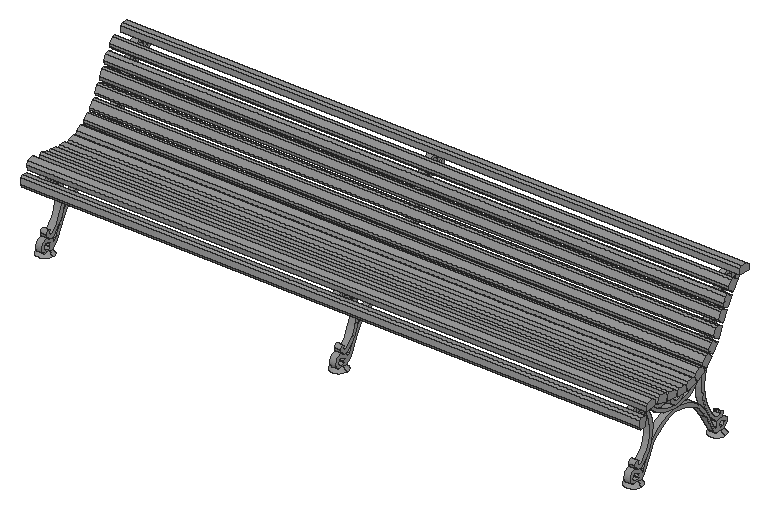
Revit family "Скамейка чугунная «Новая Европа» Арт 7220", category Антураж, Revit 2018
Family settings
  На основе рабочей плоскости = Нет
  Всегда вертикально = Да
  При загрузке вырезать с полостями = Нет
  Источник визуального образа = Геометрия семейства
  Общий = Нет
  Точка расчета площади = Нет
Parameters (values of type "Версия 3,0 м (3 опоры)")
  Ширина = 685 mm  # constant formula
  Цвет опор = Чугун
  Цвет лавки = Дерево
  Средняя опора = or([Версия 2,0 м (3 опоры)], [Версия 3,0 м (3 опоры)])  # yes
  Описание = if([Версия 0,6 м (кресло)], "Скамейка чугунная «Новая Европа». Версия 0,6 м Кресло", if([Версия 1,5 м], "Скамейка чугунная «Новая Европа». Версия 1,5 м", if([Версия 1,8 м], "Скамейка чугунная «Новая Европа». Версия 1,8 м", if([Версия 2,0 м], "Скамейка чугунная «Новая Европа». Версия 2,0 м", if([Версия 2,0 м (3 опоры)], "Скамейка чугунная «Новая Европа». Версия 2,0 м (3 опоры)", "Скамейка чугунная «Новая Европа». Версия 3,0 м (3 опоры)")))))  # "Скамейка чугунная «Новая Европа». Версия 3,0 м (3 опоры)"
  Материал изделия = "Чугун, дерево"  # constant formula
  Изображение типоразмера = Скамейка чугунная «Новая Европа» Арт 7220.jpg
  Изготовитель = "ООО «Хоббика»"  # constant formula
  Длина = if([Версия 0,6 м (кресло)], 600 mm, if([Версия 1,5 м], 1500 mm, if([Версия 1,8 м], 1800 mm, if([Версия 2,0 м], 2000 mm, if([Версия 2,0 м (3 опоры)], 2000 mm, 3000 mm)))))  # 3000 mm
  Группа модели = "Садовые скамейки"  # constant formula
  Высота = 725 mm  # constant formula
  Версия 3,0 м (3 опоры) = yes
  Версия 2,0 м (3 опоры) = no
  Версия 2,0 м = no
  Версия 1,8 м = no
  Версия 1,5 м = no
  Версия 0,6 м (кресло) = no
  Артикул товара = "Арт. 7220"  # constant formula
  URL = "https://hobbyka.ru/product/skameika_sadovaia_evropa/"
Types (7, lengths in mm): name | Средняя опора | Описание | Длина | Версия 3,0 м (3 опоры) | Версия 2,0 м (3 опоры) | Версия 2,0 м | Версия 1,8 м | Версия 1,5 м | Версия 0,6 м (кресло)
  (no name) | yes | "Скамейка чугунная «Новая Европа». Версия 3,0 м (3 опоры)" | 3000 | yes | no | no | no | no | no
  Версия 0,6 м (кресло) | no | "Скамейка чугунная «Новая Европа». Версия 0,6 м Кресло" | 600 | no | no | no | no | no | yes
  Версия 1,5 м | no | "Скамейка чугунная «Новая Европа». Версия 1,5 м" | 1500 | no | no | no | no | yes | no
  Версия 1,8 м | no | "Скамейка чугунная «Новая Европа». Версия 1,8 м" | 1800 | no | no | no | yes | no | no
  Версия 2,0 м | no | "Скамейка чугунная «Новая Европа». Версия 2,0 м" | 2000 | no | no | yes | no | no | no
  Версия 2,0 м (3 опоры) | yes | "Скамейка чугунная «Новая Европа». Версия 2,0 м (3 опоры)" | 2000 | no | yes | no | no | no | no
  Версия 3,0 м (3 опоры) | yes | "Скамейка чугунная «Новая Европа». Версия 3,0 м (3 опоры)" | 3000 | yes | no | no | no | no | no
Reference planes
  plane 1 "По центру (Вперед/Назад)": y = 0
  plane 2: z = 0
  plane 3 "По центру (Влево/Вправо)": x = 0
  plane 4: y = 685
  plane 5: x = 3000
  plane 6: x = 75
  plane 7: x = 2925
  plane 8: z = 725
  plane 9: x = 1500
Forms (mm)
  Extrusion 1, solid, material "Дерево" <- "Цвет лавки"
    sketch origin (0, 0, 0) x (0, 1, 0) y (0, 0, 1)
      loop
        line (612.438, 690) -> (662.438, 690) -> (662.438, 715) -> (652.438, 725) -> (622.438, 725) -> (612.438, 715) -> (612.438, 690)
      loop
        line (566.952, 637.407) -> (597.096, 677.299) -> (577.15, 692.371) -> (563.143, 690.422) -> (545.057, 666.487) -> (547.006, 652.48) -> (566.952, 637.407)
      loop
        line (538.311, 583.14) -> (561.011, 627.69) -> (538.736, 639.04) -> (525.286, 634.67) -> (511.666, 607.94) -> (516.036, 594.49) -> (538.311, 583.14)
      loop
        line (509.866, 527.313) -> (532.566, 571.863) -> (510.29, 583.213) -> (496.84, 578.843) -> (483.221, 552.113) -> (487.591, 538.663) -> (509.866, 527.313)
      loop
        line (481.421, 471.486) -> (504.12, 516.036) -> (481.845, 527.386) -> (468.395, 523.016) -> (454.775, 496.286) -> (459.146, 482.836) -> (481.421, 471.486)
      loop
        line (449.201, 417.793) -> (475.675, 460.209) -> (454.467, 473.446) -> (440.689, 470.258) -> (424.804, 444.808) -> (427.993, 431.03) -> (449.201, 417.793)
      loop
        line (407.356, 374.751) -> (442.809, 410.008) -> (425.181, 427.734) -> (411.039, 427.774) -> (389.767, 406.62) -> (389.727, 392.478) -> (407.356, 374.751)
      loop
        line (354.348, 341.594) -> (397.254, 367.267) -> (384.417, 388.72) -> (370.701, 392.166) -> (344.958, 376.762) -> (341.512, 363.046) -> (354.348, 341.594)
      loop
        line (296.198, 325.788) -> (344.792, 337.563) -> (338.905, 361.86) -> (326.831, 369.224) -> (297.675, 362.159) -> (290.311, 350.085) -> (296.198, 325.788)
      loop
        line (234.145, 328.194) -> (284.126, 326.847) -> (284.8, 351.838) -> (275.073, 362.103) -> (245.084, 362.912) -> (234.818, 353.185) -> (234.145, 328.194)
      loop
        line (174.709, 335.258) -> (224.307, 328.936) -> (227.468, 353.735) -> (218.813, 364.919) -> (189.054, 368.712) -> (177.87, 360.057) -> (174.709, 335.258)
      loop
        line (116.752, 347.184) -> (165.658, 336.784) -> (170.858, 361.237) -> (163.157, 373.099) -> (133.813, 379.339) -> (121.952, 371.637) -> (116.752, 347.184)
      loop
        line (50.688, 340.174) -> (99.328, 351.757) -> (93.536, 376.077) -> (81.491, 383.488) -> (52.308, 376.538) -> (44.896, 364.493) -> (50.688, 340.174)
      loop
        line (38.747, 280.088) -> (42.508, 329.946) -> (17.579, 331.827) -> (6.855, 322.607) -> (4.598, 292.692) -> (13.818, 281.968) -> (38.747, 280.088)
    from 0 to 3000
Dimensions and locks
  "Ширина": plane 4 to plane 1 "По центру (Вперед/Назад)"
  "Длина": plane 3 "По центру (Влево/Вправо)" to plane 5
  plane 3 "По центру (Влево/Вправо)" to plane 6 = 75 mm
  locked: plane 7 to plane 5 at 75
  "Высота": plane 8 to plane 2
  equal spacing: plane 3 "По центру (Влево/Вправо)", plane 9, plane 5
  aligned and locked: level to plane 2
  aligned and locked: plane 6 to nested 1
  aligned and locked: plane 7 to nested 2
  aligned and locked: Extrusion 1 to plane 3 "По центру (Влево/Вправо)"
  aligned and locked: plane 5 to Extrusion 1
  aligned and locked: plane 9 to nested 3
Automatic sketch dimensions
  Extrusion 1 sketch curve to plane 8 = 0 mm
  Extrusion 1 sketch curve to plane 1 "По центру (Вперед/Назад)" = 4.598 mm
  Extrusion 1 sketch curve to plane 1 "По центру (Вперед/Назад)" = 6.855 mm
  Extrusion 1 sketch curve to plane 1 "По центру (Вперед/Назад)" = 13.818 mm
  Extrusion 1 sketch curve to Extrusion 1 sketch curve = 10.724 mm  (x2)
  Extrusion 1 sketch curve to Extrusion 1 sketch curve = 24.929 mm  (x2)
  Extrusion 1 sketch curve to Extrusion 1 sketch curve = 2.389 mm
  Extrusion 1 sketch curve to Extrusion 1 sketch curve = 8.18 mm
  Extrusion 1 sketch curve to Extrusion 1 sketch curve = 7.411 mm  (x2)
  Extrusion 1 sketch curve to Extrusion 1 sketch curve = 29.184 mm
  Extrusion 1 sketch curve to Extrusion 1 sketch curve = 12.045 mm  (x2)
  Extrusion 1 sketch curve to Extrusion 1 sketch curve = 5.792 mm
  Extrusion 1 sketch curve to Extrusion 1 sketch curve = 17.424 mm
  Extrusion 1 sketch curve to Extrusion 1 sketch curve = 5.2 mm
  Extrusion 1 sketch curve to Extrusion 1 sketch curve = 11.861 mm  (x2)
  Extrusion 1 sketch curve to Extrusion 1 sketch curve = 29.344 mm
  Extrusion 1 sketch curve to Extrusion 1 sketch curve = 2.501 mm
  Extrusion 1 sketch curve to Extrusion 1 sketch curve = 7.701 mm  (x2)
  Extrusion 1 sketch curve to Extrusion 1 sketch curve = 9.05 mm
  Extrusion 1 sketch curve to Extrusion 1 sketch curve = 7.011 mm
  Extrusion 1 sketch curve to Extrusion 1 sketch curve = 11.184 mm  (x2)
  Extrusion 1 sketch curve to Extrusion 1 sketch curve = 29.759 mm
  Extrusion 1 sketch curve to Extrusion 1 sketch curve = 5.494 mm
  Extrusion 1 sketch curve to Extrusion 1 sketch curve = 8.655 mm
  Extrusion 1 sketch curve to Extrusion 1 sketch curve = 9.837 mm
  Extrusion 1 sketch curve to Extrusion 1 sketch curve = 7.35 mm
  Extrusion 1 sketch curve to Extrusion 1 sketch curve = 10.266 mm  (x2)
  Extrusion 1 sketch curve to Extrusion 1 sketch curve = 29.989 mm
  Extrusion 1 sketch curve to Extrusion 1 sketch curve = 9.053 mm
  Extrusion 1 sketch curve to Extrusion 1 sketch curve = 9.727 mm
  Extrusion 1 sketch curve to Extrusion 1 sketch curve = 5.511 mm
  Extrusion 1 sketch curve to Extrusion 1 sketch curve = 12.072 mm
  Extrusion 1 sketch curve to Extrusion 1 sketch curve = 7.364 mm
  Extrusion 1 sketch curve to Extrusion 1 sketch curve = 29.156 mm
  Extrusion 1 sketch curve to Extrusion 1 sketch curve = 12.074 mm
  Extrusion 1 sketch curve to Extrusion 1 sketch curve = 2.607 mm
  Extrusion 1 sketch curve to Extrusion 1 sketch curve = 5.887 mm
  Extrusion 1 sketch curve to Extrusion 1 sketch curve = 3.446 mm
  Extrusion 1 sketch curve to Extrusion 1 sketch curve = 9.556 mm
  Extrusion 1 sketch curve to Extrusion 1 sketch curve = 25.743 mm
  Extrusion 1 sketch curve to Extrusion 1 sketch curve = 13.716 mm
  Extrusion 1 sketch curve to Extrusion 1 sketch curve = 5.31 mm
  Extrusion 1 sketch curve to Extrusion 1 sketch curve = 0.039 mm
  Extrusion 1 sketch curve to Extrusion 1 sketch curve = 12.837 mm
  Extrusion 1 sketch curve to Extrusion 1 sketch curve = 10.102 mm
  Extrusion 1 sketch curve to Extrusion 1 sketch curve = 21.272 mm
  Extrusion 1 sketch curve to Extrusion 1 sketch curve = 13.766 mm
  Extrusion 1 sketch curve to Extrusion 1 sketch curve = 14.142 mm  (x2)
  Extrusion 1 sketch curve to Extrusion 1 sketch curve = 2.812 mm
  Extrusion 1 sketch curve to Extrusion 1 sketch curve = 15.884 mm
  Extrusion 1 sketch curve to Extrusion 1 sketch curve = 17.628 mm
  Extrusion 1 sketch curve to Extrusion 1 sketch curve = 6.392 mm
  Extrusion 1 sketch curve to Extrusion 1 sketch curve = 13.778 mm  (x2)
  Extrusion 1 sketch curve to Extrusion 1 sketch curve = 0.308 mm
  Extrusion 1 sketch curve to Extrusion 1 sketch curve = 4.679 mm
  Extrusion 1 sketch curve to Extrusion 1 sketch curve = 13.62 mm  (x3)
  Extrusion 1 sketch curve to Extrusion 1 sketch curve = 21.208 mm
  Extrusion 1 sketch curve to Extrusion 1 sketch curve = 5.746 mm  (x5)
  Extrusion 1 sketch curve to Extrusion 1 sketch curve = 13.45 mm  (x6)
  Extrusion 1 sketch curve to Extrusion 1 sketch curve = 1.376 mm  (x2)
  Extrusion 1 sketch curve to Extrusion 1 sketch curve = 22.275 mm  (x3)
  Extrusion 1 sketch curve to plane 8 = 58.513 mm
  Extrusion 1 sketch curve to Extrusion 1 sketch curve = 6.321 mm
  Extrusion 1 sketch curve to Extrusion 1 sketch curve = 1.949 mm
  Extrusion 1 sketch curve to plane 8 = 34.578 mm
  Extrusion 1 sketch curve to Extrusion 1 sketch curve = 18.087 mm
  Extrusion 1 sketch curve to Extrusion 1 sketch curve = 5.941 mm
  Extrusion 1 sketch curve to plane 8 = 32.629 mm
  Extrusion 1 sketch curve to Extrusion 1 sketch curve = 14.007 mm
  Extrusion 1 sketch curve to plane 8 = 47.701 mm
  Extrusion 1 sketch curve to Extrusion 1 sketch curve = 19.946 mm
  Extrusion 1 sketch curve to plane 8 = 10 mm  (x2)
  Extrusion 1 sketch curve to Extrusion 1 sketch curve = 15.343 mm
  Extrusion 1 sketch curve to Extrusion 1 sketch curve = 10 mm
  Extrusion 1 sketch curve to Extrusion 1 sketch curve = 30 mm
  Extrusion 1 sketch curve to plane 4 = 22.562 mm
  Extrusion 1 sketch curve to Extrusion 1 sketch curve = 17.81 mm
  Extrusion 1 sketch curve to Extrusion 1 sketch curve = 9.717 mm
  Extrusion 1 sketch curve to Extrusion 1 sketch curve = 26.73 mm
  Extrusion 1 sketch curve to Extrusion 1 sketch curve = 11.277 mm  (x5)
  Extrusion 1 sketch curve to Extrusion 1 sketch curve = 4.37 mm  (x2)
  Extrusion 1 sketch curve to Extrusion 1 sketch curve = 9.389 mm
  Extrusion 1 sketch curve to Extrusion 1 sketch curve = 3.188 mm
  Extrusion 1 sketch curve to Extrusion 1 sketch curve = 3.257 mm
  Extrusion 1 sketch curve to Extrusion 1 sketch curve = 3.296 mm
  Extrusion 1 sketch curve to Extrusion 1 sketch curve = 7.786 mm
  Extrusion 1 sketch curve to Extrusion 1 sketch curve = 0.311 mm
  Extrusion 1 sketch curve to Extrusion 1 sketch curve = 3.757 mm
  Extrusion 1 sketch curve to Extrusion 1 sketch curve = 8.678 mm
  Extrusion 1 sketch curve to Extrusion 1 sketch curve = 4.15 mm
  Extrusion 1 sketch curve to Extrusion 1 sketch curve = 15.404 mm
  Extrusion 1 sketch curve to Extrusion 1 sketch curve = 6.95 mm
  Extrusion 1 sketch curve to Extrusion 1 sketch curve = 6.24 mm
  Extrusion 1 sketch curve to Extrusion 1 sketch curve = 7.538 mm
  Extrusion 1 sketch curve to Extrusion 1 sketch curve = 4.386 mm
  Extrusion 1 sketch curve to Extrusion 1 sketch curve = 7.483 mm
  Extrusion 1 sketch curve to Extrusion 1 sketch curve = 3.793 mm
  Extrusion 1 sketch curve to Extrusion 1 sketch curve = 2.007 mm
  Extrusion 1 sketch curve to Extrusion 1 sketch curve = 7.065 mm
  Extrusion 1 sketch curve to Extrusion 1 sketch curve = 0.056 mm
  Extrusion 1 sketch curve to Extrusion 1 sketch curve = 1.186 mm
  Extrusion 1 sketch curve to Extrusion 1 sketch curve = 1.18 mm
  Extrusion 1 sketch curve to Extrusion 1 sketch curve = 0.55 mm
  Extrusion 1 sketch curve to Extrusion 1 sketch curve = 1.752 mm
  Extrusion 1 sketch curve to Extrusion 1 sketch curve = 8.347 mm
  Extrusion 1 sketch curve to Extrusion 1 sketch curve = 10.227 mm
  Extrusion 1 sketch curve to Extrusion 1 sketch curve = 9.219 mm
  Extrusion 1 sketch curve to Extrusion 1 sketch curve = 12.701 mm
Nested families
  nested 1: "Скамейка чугунная «Новая Европа» Арт 7220 опора" at (75, 0, 0), type "Скамейка чугунная «Новая Европа» Арт 7220 опора"
  nested 2: "Скамейка чугунная «Новая Европа» Арт 7220 опора" at (2925, 0, 0), type "Скамейка чугунная «Новая Европа» Арт 7220 опора"
  nested 3: "Скамейка чугунная «Новая Европа» Арт 7220 опора" at (1500, 0, 0), visible <- "Средняя опора", type "Скамейка чугунная «Новая Европа» Арт 7220 опора"
Definition of nested family "Скамейка чугунная «Новая Европа» Арт 7220 опора"
  Parameters (values of type "Скамейка чугунная «Новая Европа» Арт 7220 опора")
    Цвет опор = none
    Height = 0 mm
  Reference planes
    plane 1 "По центру (Вперед/Назад)": y = 0
    plane 2: z = 0
    plane 3 "По центру (Влево/Вправо)": x = 0
    plane 4: z = 725
    plane 5: y = 685
  Forms (mm)
    Extrusion 1, solid, material <- "Цвет опор"
      sketch origin (0, 0, 0) x (0, 1, 0) y (0, 0, 1)
        loop
          line (565.511, 636.523) -> (474.713, 458.322)
          arc (474.713, 458.322) -> (407.335, 375.042) -> (311.952, 326.283) r 258.152
          arc (311.952, 326.283) -> (204.681, 331.013) -> (99.328, 351.757) r 714.819
          arc (99.328, 351.757) -> (40.456, 326.431) -> (52.381, 263.462) r 51.225
          arc (52.381, 263.462) -> (91.792, 261.915) -> (102.423, 299.897) r 31.815
          arc (102.423, 299.897) -> (81.147, 314.068) -> (59.871, 299.897) r 23.057
          arc (59.871, 299.897) -> (61.223, 281.258) -> (77.034, 271.296) r 20.711
          arc (77.034, 271.296) -> (69.154, 271.282) -> (62.133, 274.859) r 16.815
          arc (62.133, 274.859) -> (53.7, 319.389) -> (95.333, 337.299) r 36.225
          arc (95.333, 337.299) -> (203.758, 316.016) -> (314.153, 311.346) r 729.819
          arc (314.153, 311.346) -> (416.098, 362.838) -> (488.078, 451.512) r 273.152
          line (488.078, 451.512) -> (579.155, 630.259)
          arc (579.155, 630.259) -> (597.163, 657.506) -> (624.287, 675.699) r 83.028
          arc (624.287, 675.699) -> (651.553, 675.283) -> (669.926, 655.132) r 34.355
          arc (669.926, 655.132) -> (662.172, 637.957) -> (645.165, 629.84) r 27.426
          arc (645.165, 629.84) -> (639.834, 640.713) -> (648.269, 649.401) r 10.521
          arc (648.269, 649.401) -> (654.245, 658.165) -> (645.481, 664.14) r 7.5
          arc (645.481, 664.14) -> (624.749, 640.563) -> (642.574, 614.717) r 25.521
          arc (642.574, 614.717) -> (672.574, 627.144) -> (685, 657.144) r 42.426
          arc (685, 657.144) -> (659.074, 688.321) -> (618.544, 689.556) r 49.355
          arc (618.544, 689.556) -> (586.756, 668.312) -> (565.511, 636.523) r 98.028
        loop
          circle (81.147, 291.011) r 13.624
      from -15 to 15
    Extrusion 2, solid, material <- "Цвет опор"
      sketch origin (0, 0, 0) x (0, 1, 0) y (0, 0, 1)
        loop
          arc (590.602, 585.083) -> (606.25, 613.7) -> (624.749, 640.563) r 317.879
          arc (624.749, 640.563) -> (629.224, 648.722) -> (631.041, 657.85) r 30.602
          arc (631.041, 657.85) -> (625.925, 668.699) -> (614.087, 670.626) r 12.878
          arc (614.087, 670.626) -> (605.806, 663.86) -> (604.087, 653.306) r 15.094
          arc (604.087, 653.306) -> (609.628, 662.618) -> (619.43, 657.996) r 8.059
          arc (619.43, 657.996) -> (618.58, 651.909) -> (612.847, 649.693) r 6.063
          arc (612.847, 649.693) -> (593.478, 621.566) -> (577.093, 591.602) r 332.879
          line (577.093, 591.602) -> (469.578, 369.057)
          arc (469.578, 369.057) -> (441.009, 322.24) -> (403.881, 281.873) r 280.665
          arc (403.881, 281.873) -> (363.082, 255.989) -> (316.121, 244.621) r 148.028
          arc (316.121, 244.621) -> (271.565, 246.094) -> (228.33, 256.959) r 209.516
          arc (228.33, 256.959) -> (178.447, 281.507) -> (134.741, 315.869) r 266.512
          arc (134.741, 315.869) -> (111.359, 326.241) -> (86.184, 330.769) r 107.028
          arc (86.184, 330.769) -> (67.251, 327.342) -> (51.975, 315.644) r 40.937
          arc (51.975, 315.644) -> (50.534, 293.628) -> (62.133, 274.859) r 36.225
          arc (62.133, 274.859) -> (69.154, 271.282) -> (77.034, 271.296) r 16.815
          arc (77.034, 271.296) -> (61.223, 281.258) -> (59.871, 299.897) r 20.711
          arc (59.871, 299.897) -> (70.06, 311.897) -> (85.312, 315.794) r 25.937
          arc (85.312, 315.794) -> (106.16, 312.142) -> (125.622, 303.824) r 92.028
          arc (125.622, 303.824) -> (171.24, 268.321) -> (223.147, 242.883) r 281.512
          arc (223.147, 242.883) -> (269.478, 231.24) -> (317.223, 229.662) r 224.516
          arc (317.223, 229.662) -> (368.943, 242.181) -> (413.876, 270.689) r 163.028
          arc (413.876, 270.689) -> (452.989, 313.213) -> (483.085, 362.532) r 295.665
          line (483.085, 362.532) -> (590.602, 585.083)
      from -15 to 15
    Extrusion 3, solid, material <- "Цвет опор"
      sketch origin (0, 0, 0) x (0, 1, 0) y (0, 0, 1)
        loop
          arc (314.153, 311.346) -> (305.83, 311.972) -> (297.544, 310.979) r 43.006
          arc (297.544, 310.979) -> (268.057, 278.184) -> (296.052, 244.107) r 33.828
          arc (296.052, 244.107) -> (300.311, 243.738) -> (304.569, 244.107) r 24.733
          arc (304.569, 244.107) -> (341.964, 273.08) -> (314.153, 311.346) r 33.975
        loop
          arc (311.582, 296.568) -> (305.818, 296.966) -> (300.096, 296.173) r 28.006
          arc (300.096, 296.173) -> (283.063, 278.167) -> (298.635, 258.883) r 18.828
          arc (298.635, 258.883) -> (301.304, 258.788) -> (303.898, 259.423) r 9.733
          arc (303.898, 259.423) -> (326.911, 274.03) -> (311.582, 296.568) r 18.975
      from -15 to 15
    Extrusion 4, solid, material <- "Цвет опор"
      sketch origin (0, 0, 0) x (0, 1, 0) y (0, 0, 1)
        loop
          arc (492.072, 116.594) -> (509.991, 92.086) -> (532.341, 71.538) r 155.094
          arc (532.341, 71.538) -> (556.955, 64.486) -> (579.971, 75.706) r 35.743
          arc (579.971, 75.706) -> (581.411, 89.897) -> (568.125, 95.088) r 11.789
          arc (568.125, 95.088) -> (574.055, 91.042) -> (569.005, 85.94) r 4.672
          arc (569.005, 85.94) -> (555.648, 79.429) -> (541.363, 83.522) r 20.743
          arc (541.363, 83.522) -> (521.175, 102.082) -> (504.989, 124.219) r 140.094
          arc (504.989, 124.219) -> (471.48, 225.67) -> (483.164, 331.87) r 251.208
          arc (483.164, 331.87) -> (489.582, 364.8) -> (513.837, 387.978) r 55.366
          arc (513.837, 387.978) -> (519.903, 386.966) -> (520.915, 380.9) r 5.291
          arc (520.915, 380.9) -> (521.064, 394.903) -> (507.068, 395.351) r 10.009
          arc (507.068, 395.351) -> (484.286, 368.413) -> (468.943, 336.644) r 140.317
          arc (468.943, 336.644) -> (456.563, 224.102) -> (492.072, 116.594) r 266.208
      from -15 to 15
    Extrusion 5, solid, material <- "Цвет опор"
      sketch origin (0, 0, 0) x (0, 1, 0) y (0, 0, 1)
        loop
          arc (125.622, 303.824) -> (106.16, 312.142) -> (85.312, 315.794) r 92.028
          arc (85.312, 315.794) -> (70.06, 311.897) -> (59.871, 299.897) r 25.937
          arc (59.871, 299.897) -> (69.908, 311.143) -> (84.749, 313.785) r 23.057
          arc (84.749, 313.785) -> (100.846, 307.281) -> (113.334, 295.221) r 45.489
          arc (113.334, 295.221) -> (140.954, 181.083) -> (83.691, 78.559) r 160.962
          arc (83.691, 78.559) -> (72.7, 78.508) -> (66.268, 87.419) r 12.012
          arc (66.268, 87.419) -> (67.264, 94.321) -> (71.915, 99.517) r 12.057
          arc (71.915, 99.517) -> (57.864, 97.791) -> (51.437, 85.178) r 15.078
          arc (51.437, 85.178) -> (66.729, 64.734) -> (92.22, 66.16) r 27.012
          arc (92.22, 66.16) -> (155.727, 178.414) -> (125.622, 303.824) r 175.962
      from -15 to 15
    Extrusion 6, solid, material <- "Цвет опор"
      sketch origin (0, 0, 0) x (0, 1, 0) y (0, 0, 1)
        loop
          arc (134.818, 116.594) -> (118.976, 84.114) -> (105.854, 50.443) r 439.747
          arc (105.854, 50.443) -> (81.144, 23.447) -> (44.548, 23.148) r 45.832
          arc (44.548, 23.148) -> (35.137, 42.47) -> (52.948, 54.498) r 16.39
          arc (52.948, 54.498) -> (64.979, 49.887) -> (73.427, 40.159) r 26.571
          arc (73.427, 40.159) -> (73.45, 34.034) -> (68.542, 30.368) r 6.81
          arc (68.542, 30.368) -> (86.496, 29.439) -> (90.55, 46.954) r 13.994
          arc (90.55, 46.954) -> (77.333, 62.175) -> (58.51, 69.388) r 41.571
          arc (58.51, 69.388) -> (24.398, 46.353) -> (42.422, 9.347) r 31.39
          arc (42.422, 9.347) -> (52.565, 6.045) -> (63.128, 4.565) r 60.832
          arc (63.128, 4.565) -> (96.509, 19.077) -> (117.217, 49.012) r 66.372
          arc (117.217, 49.012) -> (132.976, 79.382) -> (148.283, 109.983) r 2306.208
          arc (148.283, 109.983) -> (313.445, 212.887) -> (478.607, 109.983) r 183.995
          arc (478.607, 109.983) -> (504.883, 62.283) -> (535.531, 17.266) r 578.248
          arc (535.531, 17.266) -> (579.403, 7.981) -> (608.981, 41.688) r 44.386
          arc (608.981, 41.688) -> (574.597, 70.502) -> (543.949, 37.743) r 32.624
          arc (543.949, 37.743) -> (557.303, 25.331) -> (571.49, 36.781) r 13.921
          arc (571.49, 36.781) -> (564.718, 31.603) -> (558.948, 37.878) r 6.321
          arc (558.948, 37.878) -> (574.425, 55.43) -> (593.688, 42.144) r 17.624
          arc (593.688, 42.144) -> (573.499, 21.852) -> (545.624, 28.362) r 29.386
          arc (545.624, 28.362) -> (533.175, 40.079) -> (522.922, 53.759) r 99.232
          arc (522.922, 53.759) -> (505.916, 84.4) -> (492.072, 116.594) r 348.706
          arc (492.072, 116.594) -> (313.445, 227.887) -> (134.818, 116.594) r 198.995
      from -15 to 15
    Extrusion 7, solid, material <- "Цвет опор"
      sketch origin (0, 0, 0) x (0, 1, 0) y (0, 0, 1)
        loop
          arc (229.525, 284.494) -> (204.761, 282.735) -> (182.04, 292.739) r 51.624
          arc (182.04, 292.739) -> (176.293, 303.296) -> (185.304, 311.251) r 9.641
          arc (185.304, 311.251) -> (171.264, 316.188) -> (161.186, 305.238) r 13.527
          arc (161.186, 305.238) -> (165.013, 293.371) -> (174.16, 284.897) r 24.641
          arc (174.16, 284.897) -> (204.394, 272.612) -> (236.836, 276.159) r 66.624
          arc (236.836, 276.159) -> (254.335, 287.785) -> (273.644, 296.064) r 115.988
          arc (273.644, 296.064) -> (283.967, 306.128) -> (297.544, 310.979) r 33.828
          arc (297.544, 310.979) -> (298.537, 311.185) -> (299.534, 311.368) r 43.006
          arc (299.534, 311.368) -> (262.565, 303.048) -> (229.525, 284.494) r 130.988
      from -10 to 10
    Extrusion 8, solid, material <- "Цвет опор"
      sketch origin (0, 0, 0) x (0, 1, 0) y (0, 0, 1)
        loop
          arc (495.136, 465.363) -> (510.412, 482.574) -> (530.142, 494.418) r 75.93
          line (530.142, 494.418) -> (577.093, 591.602)
          arc (577.093, 591.602) -> (593.478, 621.566) -> (612.847, 649.693) r 332.879
          arc (612.847, 649.693) -> (622.533, 650.672) -> (630.87, 655.698) r 22.221
          arc (630.87, 655.698) -> (637.458, 661.161) -> (645.481, 664.14) r 25.521
          arc (645.481, 664.14) -> (654.245, 658.165) -> (648.269, 649.401) r 7.5
          arc (648.269, 649.401) -> (639.834, 640.713) -> (645.165, 629.84) r 10.521
          arc (645.165, 629.84) -> (662.172, 637.957) -> (669.926, 655.132) r 27.426
          arc (669.926, 655.132) -> (651.553, 675.283) -> (624.287, 675.699) r 34.355
          arc (624.287, 675.699) -> (597.163, 657.506) -> (579.155, 630.259) r 83.028
          line (579.155, 630.259) -> (495.136, 465.363)
        loop
          arc (95.333, 337.299) -> (69.499, 334.79) -> (51.975, 315.644) r 36.225
          arc (51.975, 315.644) -> (67.251, 327.342) -> (86.184, 330.769) r 40.937
          arc (86.184, 330.769) -> (111.359, 326.241) -> (134.741, 315.869) r 107.028
          arc (134.741, 315.869) -> (153.095, 298.659) -> (174.16, 284.897) r 144.358
          arc (174.16, 284.897) -> (165.013, 293.371) -> (161.186, 305.238) r 24.641
          arc (161.186, 305.238) -> (171.264, 316.188) -> (185.304, 311.251) r 13.527
          arc (185.304, 311.251) -> (176.293, 303.296) -> (182.04, 292.739) r 9.641
          arc (182.04, 292.739) -> (204.761, 282.735) -> (229.525, 284.494) r 51.624
          arc (229.525, 284.494) -> (260.509, 302.238) -> (295.134, 310.957) r 130.988
          arc (295.134, 310.957) -> (194.32, 317.198) -> (95.333, 337.299) r 729.819
      from -5 to 5
    Blend 9, solid, material <- "Цвет опор"
      base sketch origin (0, -320, 0) x (1, 0, 0) y (0, 1, 0)
        loop
          circle (0, 886.134) r 40
      top sketch origin (0, -320, 0) x (1, 0, 0) y (0, 1, 0)
        loop
          circle (0, 886.134) r 20
      from 0 to 15
    Blend 10, solid, material <- "Цвет опор"
      base sketch origin (0, -826.25, 0) x (1, 0, 0) y (0, 1, 0)
        loop
          circle (0, 886.134) r 40
      top sketch origin (0, -826.25, 0) x (1, 0, 0) y (0, 1, 0)
        loop
          circle (0, 886.134) r 20
      from 0 to 15
  Dimensions and locks
    aligned and locked: level to plane 2
